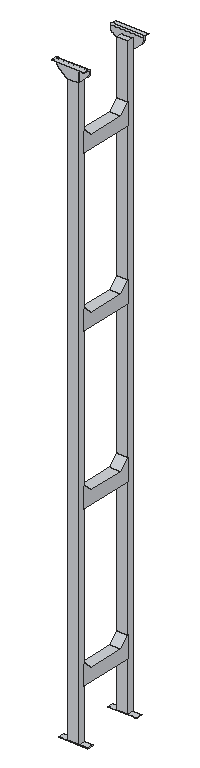
Revit family "C2201", category Specialty Equipment, Revit 2025
Family settings
  Round Connector Dimension = Use Diameter
  Part Type = Normal
  Work Plane-Based = Yes
  Enable Cutting in Views = No
  Always vertical = Yes
  Cut with Voids When Loaded = No
  Maintain Annotation Orientation = No
  Shared = No
  Room Calculation Point = No
Parameters
  G [instance] = if(Conveyor_Elevation_In > 10' 6", 3' 0", 3' 0")  # 3' - 0"
  F [instance] = if(Conveyor_Elevation_In > 10' 6", 1' 5", 1' 5")  # 1' - 5"
  LEG_HEIGHT [instance] = Conveyor_Elevation_In - 0' 1 1/4" - 0' 0 31/256" - 0' 6 37/128"  # 11' - 4 87/256"
  Default Elevation = 4' - 0"
  D [instance] = if(Conveyor_Elevation_In > 10' 6", 4, 1)  # 4
  Cross_Member_width [instance] = CLR_NOMINAL_WIDTH - 0' 5 1/2"  # 1' - 0 1/2"
  Conveyor_Elevation_In [instance] = 12' - 0"
  CLR_NOMINAL_WIDTH [instance] = 1' - 6"
Reference planes (in)
  plane 1 "Center (Front/Back)": y = 0
  plane 2 "Level": z = 0
  plane 3 "Center (Left/Right)": x = 0
  plane 4: z = 137.71
  plane 5: y = 7.64063
  plane 6: y = -36.38324
  plane 7: x = 7.5
  plane 8 "Support_Centerline": x = 3.80669
  plane 9 "LH_Out": y = 9
  plane 10 "RH_Out": y = -9
  plane 11 "Bot_of_SideFrame": z = 137.71
  plane 12: z = 33.60641
  plane 13: y = 18.02386
  plane 14: y = -26
  plane 15: z = 137.71
  plane 16: y = -7.64063
  plane 17: y = 36.38324
  plane 18: z = 137.71
  plane 19: z = 33.60641
  plane 20: z = 137.71
  plane 21: y = -9
  plane 22: y = 9
  plane 23: y = 19.38324
  plane 24 "CROSS_CENTERLINE": z = 120.71
  plane 25: z = 137.71
  plane 26: z = 120.71
  plane 27: z = 84.71
  plane 28: z = 144
  plane 29: z = 48.71
  plane 30: z = 12.71
  plane 31: y = 0
  plane 32: y = 0
  plane 33: z = 120.71
  plane 34 "CROSS_CENTERLINE": z = 128.43016
  plane 35: z = 145.43016
  plane 36: y = -23.26062
  plane 37: y = -23.26062
  plane 38: z = 128.43016
  plane 39 "Center F/G": z = 84.71
  plane 40: z = 101.71
  plane 41: y = 0
  plane 42: y = 0
  plane 43: z = 84.71
  plane 44 "Center F/H": z = 48.71
  plane 45: z = 65.71
  plane 46: y = 0
  plane 47: y = 0
  plane 48: z = 48.71
  plane 49 "Center F/I": z = 12.71
  plane 50: z = 29.71
  plane 51: y = 0
  plane 52: y = 0
  plane 53: z = 12.71
Forms (in)
  Extrusion 1, solid
    sketch origin (0, -9.38324, 105.71) x (0, 1, 0) y (0, 0, 1)
      loop
        line (18.38324, 32) -> (17.27386, 32)
        arc (17.27386, 32) -> (17.09708, 31.92678) -> (17.02386, 31.75) r 0.25
        line (17.02386, 31.75) -> (17.02386, 27.75) -> (17.13324, 27.75) -> (17.13324, 31.64063)
        arc (17.13324, 31.64063) -> (17.20646, 31.8174) -> (17.38324, 31.89063) r 0.25
        line (17.38324, 31.89063) -> (18.38324, 31.89063) -> (18.38324, 32)
    from 0 to 7.5
  Extrusion 2, void
    sketch origin (0, 7.64063, 138.46) x (0, 0, 1) y (1, 0, 0)
      loop
        line (-1.11719, 0) -> (-1.66256, 0)
        arc (-1.66256, 0) -> (-2.08229, 0.09235) -> (-2.4245, 0.35235) r 1
        line (-2.4245, 0.35235) -> (-4.01194, 2.21993)
        arc (-4.01194, 2.21993) -> (-4.1886, 2.52257) -> (-4.25, 2.86758) r 1
        line (-4.25, 2.86758) -> (-4.25, 3.75) -> (-4.25, 4.63242)
        arc (-4.25, 4.63242) -> (-4.1886, 4.97743) -> (-4.01194, 5.28007) r 1
        line (-4.01194, 5.28007) -> (-2.4245, 7.14765)
        arc (-2.4245, 7.14765) -> (-2.08229, 7.40765) -> (-1.66256, 7.5) r 1
        line (-1.66256, 7.5) -> (-1.11719, 7.5) -> (-1.11719, 8.36747) -> (-5.5, 8.36747) -> (-5.5, 3.75) -> (-5.5, -0.86747) -> (-1.11719, -0.86747) -> (-1.11719, 0)
    from 0 to 0.10938
  Extrusion 3, solid, not visible
    sketch origin (0, 1, 1.60641) x (0, 1, 0) y (0, 0, 1)
      loop
        line (18.38324, 32) -> (17.27386, 32)
        arc (17.27386, 32) -> (17.09708, 31.92678) -> (17.02386, 31.75) r 0.25
        line (17.02386, 31.75) -> (17.02386, 27.75) -> (17.13324, 27.75) -> (17.13324, 31.64063)
        arc (17.13324, 31.64063) -> (17.20646, 31.8174) -> (17.38324, 31.89063) r 0.25
        line (17.38324, 31.89063) -> (18.38324, 31.89063) -> (18.38324, 32)
    from 0 to 7.5
  Extrusion 4, void, not visible
    sketch origin (0, 18.02386, -69.74719) x (0, 0, 1) y (1, 0, 0)
      loop
        line (-1.11719, 0) -> (-1.66256, 0)
        arc (-1.66256, 0) -> (-2.08229, 0.09235) -> (-2.4245, 0.35235) r 1
        line (-2.4245, 0.35235) -> (-4.01194, 2.21993)
        arc (-4.01194, 2.21993) -> (-4.1886, 2.52257) -> (-4.25, 2.86758) r 1
        line (-4.25, 2.86758) -> (-4.25, 3.75) -> (-4.25, 4.63242)
        arc (-4.25, 4.63242) -> (-4.1886, 4.97743) -> (-4.01194, 5.28007) r 1
        line (-4.01194, 5.28007) -> (-2.4245, 7.14765)
        arc (-2.4245, 7.14765) -> (-2.08229, 7.40765) -> (-1.66256, 7.5) r 1
        line (-1.66256, 7.5) -> (-1.11719, 7.5) -> (-1.11719, 8.36747) -> (-5.5, 8.36747) -> (-5.5, 3.75) -> (-5.5, -0.86747) -> (-1.11719, -0.86747) -> (-1.11719, 0)
    from 0 to 0.10938
  Extrusion 5, solid
    sketch origin (0, -9.38324, 105.71) x (0, 1, 0) y (0, 0, 1)
      loop
        line (0.38324, 32) -> (0.38324, 31.89063) -> (1.38324, 31.89063)
        arc (1.38324, 31.89063) -> (1.56001, 31.8174) -> (1.63324, 31.64063) r 0.25
        line (1.63324, 31.64063) -> (1.63324, 27.75) -> (1.74261, 27.75) -> (1.74261, 31.75)
        arc (1.74261, 31.75) -> (1.66939, 31.92678) -> (1.49261, 32) r 0.25
        line (1.49261, 32) -> (0.38324, 32)
    from 0 to 7.5
  Extrusion 6, void
    sketch origin (0, -7.64063, 138.46) x (0, 0, 1) y (-1, 0, 0)
      loop
        line (-1.11719, 0) -> (-1.11719, 0.86747) -> (-5.5, 0.86747) -> (-5.5, -3.75) -> (-5.5, -8.36747) -> (-1.11719, -8.36747) -> (-1.11719, -7.5) -> (-1.66256, -7.5)
        arc (-1.66256, -7.5) -> (-2.08229, -7.40765) -> (-2.4245, -7.14765) r 1
        line (-2.4245, -7.14765) -> (-4.01194, -5.28007)
        arc (-4.01194, -5.28007) -> (-4.1886, -4.97743) -> (-4.25, -4.63242) r 1
        line (-4.25, -4.63242) -> (-4.25, -3.75) -> (-4.25, -2.86758)
        arc (-4.25, -2.86758) -> (-4.1886, -2.52257) -> (-4.01194, -2.21993) r 1
        line (-4.01194, -2.21993) -> (-2.4245, -0.35235)
        arc (-2.4245, -0.35235) -> (-2.08229, -0.09235) -> (-1.66256, 0) r 1
        line (-1.66256, 0) -> (-1.11719, 0)
    from 0 to 0.10938
  Extrusion 7, solid
    sketch origin (3.80669, 0, 0) x (0, 1, 0) y (0, 0, 1)
      loop
        line (7.64062, 136.46) -> (6.26062, 136.46) -> (6.26062, 0.12016) -> (7.64062, 0.12016) -> (7.64062, 136.46)
    from -1.25 to 1.25
  Extrusion 8, solid
    sketch origin (3.80669, 0, 0) x (0, -1, 0) y (0, 0, -1)
      loop
        line (7.64062, -136.46) -> (7.64062, -0.12016) -> (6.26062, -0.12016) -> (6.26062, -136.46) -> (7.64062, -136.46)
    from -1.25 to 1.25
  Extrusion 9, solid
    sketch origin (0, 0, 0) x (0, 1, 0) y (0, 0, 1)
      loop
        line (-7.64062, 0.12109) -> (-7.64062, 0) -> (-6.26062, 0) -> (-6.26062, 0.12109) -> (-7.64062, 0.12109)
    from 0.5 to 7
  Extrusion 10, solid
    sketch origin (0, 0, 0) x (0, -1, 0) y (0, 0, -1)
      loop
        line (-7.64062, -0.12109) -> (-6.26062, -0.12109) -> (-6.26062, 0) -> (-7.64062, 0) -> (-7.64062, -0.12109)
    from 0.5 to 7
  Extrusion 11, solid
    sketch origin (3.80669, 3.75, 42.96) x (0, 1, 0) y (0, 0, 1)
      loop
        line (-8.01062, 79.19) -> (-10, 81.17938) -> (-10, 79.19) -> (-10, 76.31) -> (2.5, 76.31) -> (2.5, 79.19) -> (2.5, 81.17938) -> (0.51062, 79.19) -> (-8.01062, 79.19)
    from -1.25 to 1.25
  Extrusion 12, solid, not visible
    sketch origin (3.80669, -19.51062, 50.68016) x (0, 1, 0) y (0, 0, 1)
      loop
        line (-8.01062, 79.19) -> (-10, 81.17938) -> (-10, 79.19) -> (-10, 76.31) -> (2.5, 76.31) -> (2.5, 79.19) -> (2.5, 81.17938) -> (0.51062, 79.19) -> (-8.01062, 79.19)
    from -1.25 to 1.25
  Extrusion 13, solid
    sketch origin (3.80669, 3.75, 6.96) x (0, 1, 0) y (0, 0, 1)
      loop
        line (-8.01062, 79.19) -> (-10, 81.17938) -> (-10, 79.19) -> (-10, 76.31) -> (2.5, 76.31) -> (2.5, 79.19) -> (2.5, 81.17938) -> (0.51062, 79.19) -> (-8.01062, 79.19)
    from -1.25 to 1.25
  Extrusion 14, solid
    sketch origin (3.80669, 3.75, -29.04) x (0, 1, 0) y (0, 0, 1)
      loop
        line (-8.01062, 79.19) -> (-10, 81.17938) -> (-10, 79.19) -> (-10, 76.31) -> (2.5, 76.31) -> (2.5, 79.19) -> (2.5, 81.17938) -> (0.51062, 79.19) -> (-8.01062, 79.19)
    from -1.25 to 1.25
  Extrusion 15, solid
    sketch origin (3.80669, 3.75, -65.04) x (0, 1, 0) y (0, 0, 1)
      loop
        line (-8.01062, 79.19) -> (-10, 81.17938) -> (-10, 79.19) -> (-10, 76.31) -> (2.5, 76.31) -> (2.5, 79.19) -> (2.5, 81.17938) -> (0.51062, 79.19) -> (-8.01062, 79.19)
    from -1.25 to 1.25
Cuts and joins
  Extrusion 2, Extrusion 6 cuts Extrusion 1
  Extrusion 6 cuts Extrusion 5
Dimensions and locks (in)
  locked: Extrusion 1 sketch curve to Extrusion 1 sketch curve at 4.25
  Extrusion 1 sketch curve to Extrusion 1 sketch curve to plane 5 = 0' - 1 23/64", 0' - 0" locked
  locked: plane 3 "Center (Left/Right)" to plane 7 at 7.5
  equal spacing: plane 9 "LH_Out", plane 1 "Center (Front/Back)", plane 10 "RH_Out"
  "CLR_NOMINAL_WIDTH": plane 9 "LH_Out" to plane 10 "RH_Out"
  locked: Extrusion 3 sketch curve to Extrusion 3 sketch curve at 4.25
  Extrusion 3 sketch curve to Extrusion 3 sketch curve to plane 13 = 0' - 1 23/64", 0' - 0" locked
  locked: Extrusion 5 sketch curve to Extrusion 5 sketch curve at 4.25
  Extrusion 5 sketch curve to plane 16 to Extrusion 5 sketch curve = 0' - 0" locked, 0' - 1 23/64"
  plane 11 "Bot_of_SideFrame" to level = 11' - 5.71"
  locked: Extrusion 7 sketch curve to plane 11 "Bot_of_SideFrame" at 1.25
  "LEG_HEIGHT": Extrusion 7 sketch curve to Extrusion 7 sketch curve
  locked: Extrusion 7 sketch curve to Extrusion 7 sketch curve at 1.38
  "LEG_HEIGHT": Extrusion 8 sketch curve to Extrusion 8 sketch curve
  locked: Extrusion 8 sketch curve to Extrusion 8 sketch curve at 1.38
  Extrusion 9 sketch curve to Extrusion 8 = 0' - 0.12016"
  Extrusion 5 to Extrusion 2 = 0' - 0 1/2"
  equal spacing: Extrusion 11 sketch curve, plane 24 "CROSS_CENTERLINE", Extrusion 11 sketch curve
  locked: Extrusion 11 sketch curve to Extrusion 11 sketch curve at 2.88
  "F": plane 25 to plane 24 "CROSS_CENTERLINE"
  plane 25 to plane 11 "Bot_of_SideFrame" = 0' - 0"
  "F": plane 11 "Bot_of_SideFrame" to plane 26
  "G": plane 26 to plane 27
  "Cross_Member_width": Extrusion 11 sketch curve to Extrusion 11 sketch curve
  locked: plane 28 to plane 11 "Bot_of_SideFrame" at 6.29
  "Conveyor_Elevation_In": plane 28 to level
  equal spacing: Extrusion 11 sketch curve, plane 31, Extrusion 11 sketch curve
  equal spacing: Extrusion 12 sketch curve, plane 34 "CROSS_CENTERLINE", Extrusion 12 sketch curve
  locked: Extrusion 12 sketch curve to Extrusion 12 sketch curve at 2.88
  "Cross_Member_width": Extrusion 12 sketch curve to Extrusion 12 sketch curve
  equal spacing: Extrusion 12 sketch curve, plane 36, Extrusion 12 sketch curve
  plane 32 to plane 1 "Center (Front/Back)" = 0' - 0"
  locked: plane 32 to plane 1 "Center (Front/Back)"
  locked: plane 33 to plane 26
  equal spacing: Extrusion 13 sketch curve, plane 39 "Center F/G", Extrusion 13 sketch curve
  locked: Extrusion 13 sketch curve to Extrusion 13 sketch curve at 2.88
  "F": plane 40 to plane 39 "Center F/G"
  "Cross_Member_width": Extrusion 13 sketch curve to Extrusion 13 sketch curve
  equal spacing: Extrusion 13 sketch curve, plane 41, Extrusion 13 sketch curve
  equal spacing: group 4, group 6, group 7, group 8  (x2)
  equal spacing: group 8, group 7, group 6, group 4
  "G": plane 33 to plane 43
  equal spacing: Extrusion 14 sketch curve, plane 44 "Center F/H", Extrusion 14 sketch curve
  locked: Extrusion 14 sketch curve to Extrusion 14 sketch curve at 2.88
  "F": plane 45 to plane 44 "Center F/H"
  "Cross_Member_width": Extrusion 14 sketch curve to Extrusion 14 sketch curve
  equal spacing: Extrusion 14 sketch curve, plane 46, Extrusion 14 sketch curve
  equal spacing: Extrusion 15 sketch curve, plane 49 "Center F/I", Extrusion 15 sketch curve
  locked: Extrusion 15 sketch curve to Extrusion 15 sketch curve at 2.88
  "F": plane 50 to plane 49 "Center F/I"
  "Cross_Member_width": Extrusion 15 sketch curve to Extrusion 15 sketch curve
  equal spacing: Extrusion 15 sketch curve, plane 51, Extrusion 15 sketch curve
  aligned and locked: level to plane 2 "Level"
  aligned and locked: plane 7 to Extrusion 1
  aligned and locked: plane 11 "Bot_of_SideFrame" to plane 20
  aligned and locked: plane 10 "RH_Out" to plane 21
  aligned and locked: plane 22 to plane 9 "LH_Out"
  aligned and locked: plane 11 "Bot_of_SideFrame" to plane 18
  aligned and locked: Extrusion 7 sketch curve to cut or joined group of Extrusion 1, Extrusion 2, Extrusion 6
  aligned and locked: Extrusion 9 to Extrusion 8
  aligned and locked: Extrusion 7 to Extrusion 11
  aligned and locked: Extrusion 11 to Extrusion 7
  aligned and locked: plane 8 "Support_Centerline" to connector elem
Automatic sketch dimensions
  Extrusion 1 sketch curve to plane 4 = 0' - 0"
  Extrusion 1 sketch curve to Extrusion 1 sketch curve = 0' - 0 7/64"  (x2)
  Extrusion 1 sketch curve to plane 5 = 0' - 0 1/4"
  Extrusion 1 sketch curve to plane 4 = 0' - 0 7/64"
  Extrusion 1 to Extrusion 2 sketch curve = 0' - 0 3/4"
  Extrusion 1 to Extrusion 2 sketch curve = 0' - 0"
  Extrusion 2 sketch curve to Extrusion 1 = 0' - 0"
  Extrusion 2 sketch curve to Extrusion 1 = 0' - 0 1/2"
  Extrusion 1 to Extrusion 2 sketch curve = 0' - 0.98806"  (x2)
  Extrusion 2 sketch curve to Extrusion 2 sketch curve = 0' - 1"  (x2)
  Extrusion 2 sketch curve to Extrusion 1 = 0' - 0.35235"  (x2)
  Extrusion 1 to Extrusion 2 sketch curve = 0' - 2.5755"  (x2)
  Extrusion 2 sketch curve to Extrusion 2 sketch curve = 0' - 0.76194"  (x2)
  Extrusion 2 sketch curve to Extrusion 1 = 0' - 0 15/128"  (x2)
  Extrusion 1 to Extrusion 2 sketch curve = 0' - 0.86747"  (x2)
  Extrusion 2 sketch curve to Extrusion 1 = 0' - 2.21993"
  Extrusion 2 sketch curve to Extrusion 2 sketch curve = 0' - 0.88242"  (x3)
  Extrusion 3 sketch curve to plane 12 = 0' - 0"
  Extrusion 3 sketch curve to Extrusion 3 sketch curve = 0' - 0 7/64"  (x2)
  Extrusion 3 sketch curve to plane 13 = 0' - 0 1/4"
  Extrusion 3 sketch curve to plane 12 = 0' - 0 7/64"
  Extrusion 4 sketch curve to Extrusion 3 = 8' - 7.35359"
  Extrusion 3 to Extrusion 4 sketch curve = 0' - 0"
  Extrusion 4 sketch curve to Extrusion 3 = 0' - 0"
  Extrusion 4 sketch curve to Extrusion 3 = 8' - 8.60359"
  Extrusion 4 sketch curve to Extrusion 3 = 8' - 7.11553"  (x2)
  Extrusion 4 sketch curve to Extrusion 4 sketch curve = 0' - 1"  (x2)
  Extrusion 4 sketch curve to Extrusion 3 = 0' - 0.35235"  (x2)
  Extrusion 4 sketch curve to Extrusion 3 = 8' - 5.52809"  (x2)
  Extrusion 4 sketch curve to Extrusion 4 sketch curve = 0' - 0.76194"  (x2)
  Extrusion 4 sketch curve to Extrusion 3 = 8' - 8.22078"  (x2)
  Extrusion 3 to Extrusion 4 sketch curve = 0' - 0.86747"  (x2)
  Extrusion 4 sketch curve to Extrusion 3 = 0' - 2.21993"
  Extrusion 4 sketch curve to Extrusion 4 sketch curve = 0' - 0.88242"  (x3)
  Extrusion 5 sketch curve to plane 15 = 0' - 0"
  Extrusion 5 sketch curve to Extrusion 5 sketch curve = 0' - 0 7/64"  (x2)
  plane 16 to Extrusion 5 sketch curve = 0' - 0 1/4"
  Extrusion 5 sketch curve to plane 15 = 0' - 0 7/64"
  Extrusion 5 to Extrusion 6 sketch curve = 0' - 0"
  Extrusion 6 sketch curve to Extrusion 5 = 0' - 0"
  Extrusion 6 sketch curve to Extrusion 6 sketch curve = 0' - 1"  (x2)
  Extrusion 5 to Extrusion 6 sketch curve = 0' - 0.35235"  (x2)
  Extrusion 6 sketch curve to Extrusion 6 sketch curve = 0' - 0.76194"  (x2)
  Extrusion 6 sketch curve to Extrusion 5 = 0' - 0.86747"  (x2)
  Extrusion 5 to Extrusion 6 sketch curve = 0' - 2.21993"
  Extrusion 6 sketch curve to Extrusion 6 sketch curve = 0' - 0.88242"  (x3)
  Extrusion 5 to Extrusion 6 sketch curve = 0' - 0 3/4"  (x2)
  Extrusion 6 sketch curve to Extrusion 5 = 0' - 0 1/2"  (x2)
  Extrusion 5 to Extrusion 6 sketch curve = 0' - 0.98806"  (x4)
  Extrusion 5 to Extrusion 6 sketch curve = 0' - 2.5755"  (x4)
  Extrusion 6 sketch curve to Extrusion 5 = 0' - 0 15/128"  (x4)
  level to Extrusion 9 sketch curve = 0' - 0 31/256"
  Extrusion 9 sketch curve to plane 10 "RH_Out" = 0' - 1 23/64"
  Extrusion 9 sketch curve to Extrusion 9 sketch curve = 0' - 1.38"
  Extrusion 10 sketch curve to level = 0' - 0"
  level to Extrusion 10 sketch curve = 0' - 0 31/256"
  plane 9 "LH_Out" to Extrusion 10 sketch curve = 0' - 1 23/64"
  Extrusion 10 sketch curve to Extrusion 10 sketch curve = 0' - 1.38"
  Extrusion 8 sketch curve to plane 11 "Bot_of_SideFrame" = 0' - 1 1/4"
  Extrusion 8 sketch curve to plane 10 "RH_Out" = 0' - 2.73938"
  Extrusion 11 sketch curve to Extrusion 11 sketch curve = 0' - 1.98938"  (x4)
  plane 24 "CROSS_CENTERLINE" to Extrusion 11 sketch curve = 0' - 1.44"  (x2)
  Extrusion 12 sketch curve to Extrusion 12 sketch curve = 0' - 1.98938"  (x4)
  plane 34 "CROSS_CENTERLINE" to Extrusion 12 sketch curve = 0' - 1.44"  (x2)
  Extrusion 13 sketch curve to Extrusion 13 sketch curve = 0' - 1.98938"  (x4)
  plane 39 "Center F/G" to Extrusion 13 sketch curve = 0' - 1.44"  (x2)
  Extrusion 14 sketch curve to Extrusion 14 sketch curve = 0' - 1.98938"  (x4)
  plane 44 "Center F/H" to Extrusion 14 sketch curve = 0' - 1.44"  (x2)
  Extrusion 15 sketch curve to Extrusion 15 sketch curve = 0' - 1.98938"  (x4)
  plane 49 "Center F/I" to Extrusion 15 sketch curve = 0' - 1.44"  (x2)
Connectors (in)
  cabletrayconduit at (3.80669, 0, 137.71), diameter 6
    settings: index 1, connector width 1' - 0", connector height 1' - 0", connector angle 0.00°, system type 32, placement type 0, profile type 0, connector reference index -1, is primary connector yes, connector utility param no, connector description ""
